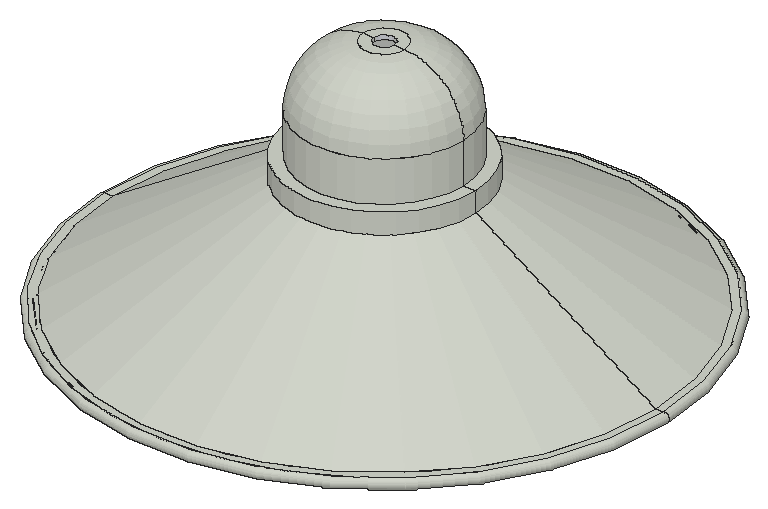
Revit family "WE14 SHADE", category Lighting Fixtures, Revit 2024
Family settings
  Round Connector Dimension = Use Diameter
  Part Type = Normal
  OmniClass Number = 23.80.70.00
  OmniClass Title = Lighting
  Work Plane-Based = No
  Always vertical = Yes
  Cut with Voids When Loaded = No
  Light Source = Yes
  Maintain Annotation Orientation = No
  Shared = No
  Room Calculation Point = No
Parameters
  Wattage = 9.2903 W
  built-in parameter 1150110 = 1 (stored number, unit not read)
  built-in parameter 1114217 = 1 (stored number, unit not read)
  built-in parameter 1150109 = 1 (stored number, unit not read)
  built-in parameter 1150134 = 3
  built-in parameter 1150113 = 1 (stored number, unit not read)
  built-in parameter 1150105 = 439.27 (stored number, unit not read)
  Lumens = 1380 lm
  built-in parameter 1150115 = 1 (stored number, unit not read)
  Light Source Symbol Size = 2' - 0"
  built-in parameter 1150137 = (empty or 0)
  built-in parameter 1150139 = (empty or 0)
  built-in parameter 1150112 = 1 (stored number, unit not read)
  built-in parameter 1150114 = 1 (stored number, unit not read)
  built-in parameter 1150132 = (empty or 0)
  built-in parameter 1150102 = (empty or 0)
  built-in parameter 1150107 = 3200 (stored number, unit not read)
  built-in parameter 1150138 = (empty or 0)
  built-in parameter 1150106 = 4.3927 (stored number, unit not read)
  built-in parameter 1150104 = 13.8 (stored number, unit not read)
  Dimming Lamp Color Temperature Shift = (empty or 0)
  Default Elevation = 0' - 0"
  Color Filter = 16777215
  built-in parameter 1114218 = 1 (stored number, unit not read)
  built-in parameter 1150133 = 10 (stored number, unit not read)
Reference planes (in)
  plane 1 "Light Source Axis (F/B)": y = 0
  plane 2: z = 0
  plane 3 "Light Source Axis (L/R)": x = 0
  plane 4 "Light Source Elevation": z = 54
Forms (in)
  Revolve 1, solid, not visible
    sketch origin (0, 0, 0) x (1, 0, 0) y (0, 0, 1)
      loop
        line (-1.45425, 58.87626) -> (-1.45425, 59.20093)
        arc (-1.45425, 59.20093) -> (-1.51919, 59.26587) -> (-1.58412, 59.20093) r 0.06494
        line (-1.58412, 59.20093) -> (-1.64906, 59.20093)
        arc (-1.64906, 59.20093) -> (-1.71399, 59.136) -> (-1.77893, 59.20093) r 0.06494
        line (-1.77893, 59.20093) -> (-2.28318, 59.20093)
        arc (-2.28318, 59.20093) -> (-2.41111, 59.0605) -> (-2.45743, 58.87626) r 0.38961
        line (-2.45743, 58.87626) -> (-1.45425, 58.87626)
      axis (-1.45425, 58.87626) -> (-2.45743, 58.87626)
    angle from 0 to 360
  Revolve 2, solid, not visible
    sketch origin (0, 0, -4.77789) x (1, 0, 0) y (0, 0, 1)
      loop
        line (-1.45425, 58.87626) -> (-1.45425, 59.20093)
        arc (-1.45425, 59.20093) -> (-1.51919, 59.26587) -> (-1.58412, 59.20093) r 0.06494
        line (-1.58412, 59.20093) -> (-1.64906, 59.20093)
        arc (-1.64906, 59.20093) -> (-1.71399, 59.136) -> (-1.77893, 59.20093) r 0.06494
        line (-1.77893, 59.20093) -> (-2.28318, 59.20093)
        arc (-2.28318, 59.20093) -> (-2.41111, 59.0605) -> (-2.45743, 58.87626) r 0.38961
        line (-2.45743, 58.87626) -> (-1.45425, 58.87626)
      axis (-1.45425, 58.87626) -> (-2.45743, 58.87626)
    angle from 0 to 360
  Sweep 3, solid, not visible
    path origin (0, 0, 0) x (1, 0, 0) y (0, 0, 1)
      loop
        line (-2.03967, 52.74803) -> (-2.03967, 61.85943)
        arc (-2.03967, 61.85943) -> (-4.99444, 64.8142) -> (-7.94921, 61.85943) r 2.95477
        line (-7.94921, 61.85943) -> (-7.94921, 60.07761)
    profile origin (-2.03967, 0, 57.30373) x (-1, 0, 0) y (0, -1, 0)
      loop
        circle (0, 0) r 0.1875
  Revolve 4, solid, not visible
    sketch origin (0, 0, 0) x (1, 0, 0) y (0, 0, 1)
      loop
        spline (-11.5338, 54.25604) -> (-11.53327, 54.62054) -> (-11.51765, 54.94785) -> (-11.49462, 55.20215) -> (-11.4387, 55.52355) -> (-11.34166, 55.86623) -> (-11.21238, 56.18469) -> (-11.05634, 56.4592) -> (-10.86408, 56.70149) -> (-10.63792, 56.91334) -> (-10.38044, 57.08433) -> (-10.00557, 57.22866) -> (-9.53349, 57.29425)
        arc (-9.53349, 57.29425) -> (-9.43019, 57.66173) -> (-9.0618, 57.76174) r 0.38694
        line (-9.0618, 57.76174) -> (-9.0618, 58.75549) -> (-8.98942, 58.82787) -> (-8.98942, 59.74949)
        arc (-8.98942, 59.74949) -> (-8.94621, 59.8538) -> (-8.8419, 59.897) r 0.14752
        line (-8.8419, 59.897) -> (-7.94921, 59.897) -> (-7.94921, 60.07761) -> (-8.2146, 60.07761) -> (-8.2146, 59.99075) -> (-8.8419, 59.99075)
        arc (-8.8419, 59.99075) -> (-9.0125, 59.92009) -> (-9.08317, 59.74949) r 0.24127
        line (-9.08317, 59.74949) -> (-9.08317, 58.83266)
        arc (-9.08317, 58.83266) -> (-9.13283, 58.80671) -> (-9.15555, 58.75549) r 0.085
        line (-9.15555, 58.75549) -> (-9.15555, 57.86758)
        arc (-9.15555, 57.86758) -> (-9.49691, 57.7276) -> (-9.63849, 57.3869) r 0.48069
        spline (-9.63849, 57.3869) -> (-10.117, 57.29295) -> (-10.47221, 57.14022) -> (-10.72912, 56.95719) -> (-10.95531, 56.73627) -> (-11.14643, 56.48532) -> (-11.30177, 56.20185) -> (-11.42964, 55.87717) -> (-11.5243, 55.53356) -> (-11.57801, 55.2147) -> (-11.60029, 54.96192) -> (-11.61586, 54.63792) -> (-11.61658, 54.2789)
        arc (-11.61658, 54.2789) -> (-11.64765, 54.00503) -> (-11.5338, 54.25604) r 0.13952
      axis (-7.94921, 60.07761) -> (-7.94921, 54.25604)
    angle from 0 to 360
  Revolve 5, solid, not visible
    sketch origin (0, 0, 0) x (1, 0, 0) y (0, 0, 1)
      loop
        line (-2.03103, 52.74803) -> (-2.29162, 52.74803) -> (-2.29162, 52.68626) -> (-2.25302, 52.68626)
        arc (-2.25302, 52.68626) -> (-2.20187, 52.63512) -> (-2.25302, 52.58397) r 0.05115
        arc (-2.25302, 52.58397) -> (-2.29162, 52.54536) -> (-2.25302, 52.50676) r 0.0386
        line (-2.25302, 52.50676) -> (-2.03103, 52.50676) -> (-2.03103, 52.74803)
      axis (-2.03103, 52.74803) -> (-2.03103, 52.50676)
    angle from 0 to 360
  Revolve 6, solid
    sketch origin (0, 0, 0) x (1, 0, 0) y (0, 0, 1)
      loop
        arc (-0.5135, 60) -> (-1.53288, 59.53931) -> (-1.95, 58.50134) r 1.5
        line (-1.95, 58.50134) -> (-1.95, 57.50134) -> (-2.25, 57.50134) -> (-2.25, 57.00134) -> (-6.67401, 54.25) -> (-6.875, 54.25)
        arc (-6.875, 54.25) -> (-6.95155, 54.02618) -> (-6.75397, 54.15625) r 0.125
        line (-6.75397, 54.15625) -> (-6.64723, 54.15625) -> (-2.15625, 56.94925) -> (-2.15625, 57.40759) -> (-1.85625, 57.40759) -> (-1.85625, 58.50134)
        arc (-1.85625, 58.50134) -> (-1.46587, 59.47373) -> (-0.51148, 59.90625) r 1.40625
        line (-0.51148, 59.90625) -> (-0.25, 59.90625) -> (-0.25, 60) -> (-0.5135, 60)
      axis (0, 60) -> (0, 54.15625)
    angle from 0 to 360
Dimensions and locks (in)
  aligned and locked: level to plane 2
